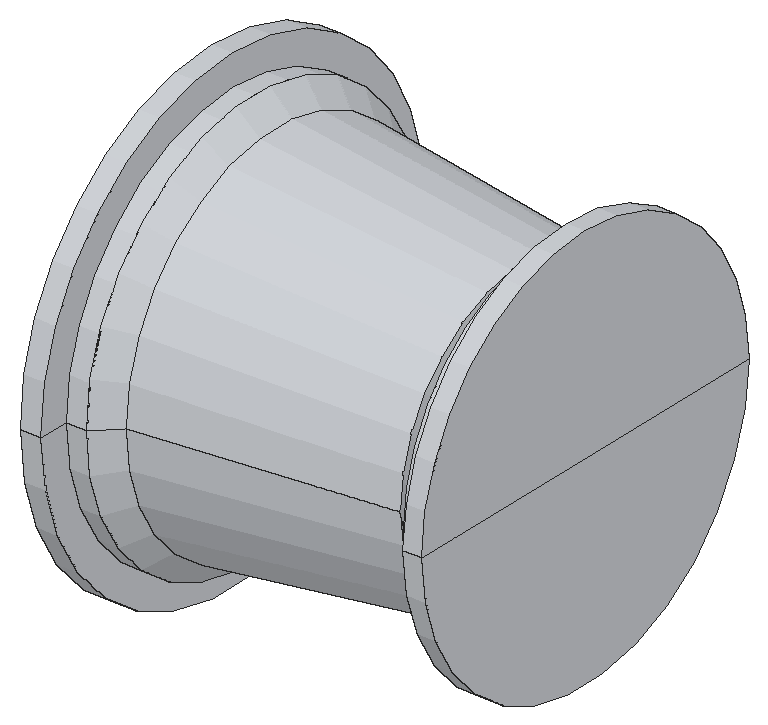
Revit family "9025645ea9bf429390c99db21fc72a65", category Pipe Fittings, Revit 2021
Family settings
  Round Connector Dimension = Use Radius
  Part Type = Transition
  OmniClass Number = 23.60.30.11.14
  OmniClass Title = Pipework Fittings
  Work Plane-Based = No
  Always vertical = Yes
  Cut with Voids When Loaded = No
  Shared = No
Parameters (values of type "Standard")
  Visibility 2 [instance] = Nominal Diameter 2 > Nominal Diameter 1  # no
  Visibility 1 [instance] = Nominal Diameter 1 > Nominal Diameter 2  # yes
  URL = ""
  Type Comments = ""
  Tick Size 2 [instance] = if(Nominal Diameter 1 > Nominal Diameter 2, Min Tick Size 12, Max Tick Size 12)  # 12.0000"
  Tick Size 1 [instance] = if(Nominal Diameter 1 > Nominal Diameter 2, Max Tick Size 12, Min Tick Size 12)  # 14.4000"
  Min Tick Size 12 [instance] = Min Nominal Diameter 12 * 0.4  # 12.0000"
  Max Tick Size 12 [instance] = Max Nominal Diameter 12 * 0.4  # 14.4000"
  Socket Outside Radius 2 [instance] = Socket Outside Diameter 2 / 2  # 16.7500"
  Socket Outside Radius 1 [instance] = Socket Outside Diameter 1 / 2  # 20.0500"
  Socket Outside Diameter 2 [instance] = if(Nominal Diameter 1 > Nominal Diameter 2, Min Socket Outside Diameter 12, Max Socket Outside Diameter 12)  # 33.5000"
  Socket Outside Diameter 1 [instance] = if(Nominal Diameter 1 > Nominal Diameter 2, Max Socket Outside Diameter 12, Min Socket Outside Diameter 12)  # 40.1000"
  Socket Depth 2 [instance] = if(Nominal Diameter 2 < 14.0000", 2.5000", if(Nominal Diameter 2 < 30.0000", 3.5000", 4.0000"))  # 4.0000"
  Socket Depth 1 [instance] = if(Nominal Diameter 1 < 14.0000", 2.5000", if(Nominal Diameter 1 < 30.0000", 3.5000", 4.0000"))  # 4.0000"
  Min Socket Outside Diameter 12 [instance] = size_lookup(Lookup Table Name, "SOD", 1.08 * Min Nominal Diameter 12 + 1.1200", Min Nominal Diameter 12)  # 33.5000"
  Max Socket Outside Diameter 12 [instance] = size_lookup(Lookup Table Name, "SOD", 1.08 * Max Nominal Diameter 12 + 1.1200", Max Nominal Diameter 12)  # 40.1000"
  Nominal Radius 2 [instance] = 15.0000"
  Nominal Radius 1 [instance] = 18.0000"
  Nominal Diameter 2 [instance] = Nominal Radius 2 * 2  # 30.0000"
  Nominal Diameter 1 [instance] = Nominal Radius 1 * 2  # 36.0000"
  Min Nominal Diameter 12 [instance] = if(Nominal Diameter 1 > Nominal Diameter 2, Nominal Diameter 2, Nominal Diameter 1)  # 30.0000"
  Max Nominal Diameter 12 [instance] = if(Nominal Diameter 1 > Nominal Diameter 2, Nominal Diameter 1, Nominal Diameter 2)  # 36.0000"
  Manufacturer = ""
  Loss Method = K Coefficient from Table
  Lookup Table Name = "Reducer Concentric - MJ - Stainless Steel - Fabricated"
  Length [instance] = if(Nominal Diameter 1 = Nominal Diameter 2, Min Nominal Diameter 12 / 2, 4 * (Max Nominal Diameter 12 - Min Nominal Diameter 12))  # 24.0000"
  K Coefficient Table = "Reducer/Coupling/Union/Increaser"
  built-in parameter 1114238 [instance] = (empty or 0)
  Description = ""
  Default Elevation = 0.0000"
  Bevel Length 2 [instance] = Socket Outside Radius 2 - Nominal Radius 2  # 1.7500"
  Bevel Length 1 [instance] = Socket Outside Radius 1 - Nominal Radius 1  # 2.0500"
  Gland Width 2 [instance] = size_lookup(Lookup Table Name, "GWid", 0.03 * Nominal Diameter 2 + 0.9400", Nominal Diameter 2)  # 1.8100"
  Gland Width 1 [instance] = size_lookup(Lookup Table Name, "GWid", 0.03 * Nominal Diameter 1 + 0.9400", Nominal Diameter 1)  # 2.0000"
  Gland Outside Radius 1 [instance] = Gland Outside Diameter 1 / 2  # 23.0000"
  Gland Outside Radius 2 [instance] = Gland Outside Diameter 2 / 2  # 19.5600"
  Max Gland Outside Diameter 12 [instance] = size_lookup(Lookup Table Name, "GOD", 1.16 * Max Nominal Diameter 12 + 4.0300", Max Nominal Diameter 12)  # 46.0000"
  Min Gland Outside Diameter 12 [instance] = size_lookup(Lookup Table Name, "GOD", 1.16 * Min Nominal Diameter 12 + 4.0300", Min Nominal Diameter 12)  # 39.1200"
  Gland Outside Diameter 2 [instance] = if(Nominal Diameter 1 > Nominal Diameter 2, Min Gland Outside Diameter 12, Max Gland Outside Diameter 12)  # 39.1200"
  Gland Outside Diameter 1 [instance] = if(Nominal Diameter 1 > Nominal Diameter 2, Max Gland Outside Diameter 12, Min Gland Outside Diameter 12)  # 46.0000"
  Assembly Code = ""
Reference planes (in)
  plane 1 "Center (Front/Back)": y = 0
  plane 2: z = 0
  plane 3 "Center (Left/Right)": x = 0
  plane 4 "Right": x = 35.8
  plane 5 "TK1 Top": y = 14.4
  plane 6 "TK1 Bottom": y = -14.4
  plane 7 "TK2 Top": y = 12
  plane 8 "TK2 Bottom": y = -12
  plane 9: y = 23
  plane 10: y = 20.05
  plane 11: x = 4
  plane 12: x = 6.05
  plane 13: y = 18
  plane 14 "SD2R": x = 31.8
  plane 15: x = 2
  plane 16: x = 33.99
  plane 17: x = 30.05
  plane 18: y = 15
  plane 19: y = 16.75
  plane 20: y = 19.56
Forms (in)
  Extrusion 1, solid, not visible
    sketch origin (0, 0, 0) x (0, 1, 0) y (0, 0, 1)
      loop
        circle (0, 0) r 1
    from 0 to 35.8
  Revolve 2, solid, detail levels fine
    sketch origin (0, 0, 0) x (1, 0, 0) y (0, 1, 0)
      loop
        line (0, 0) -> (35.8, 0) -> (35.8, 19.56) -> (33.99, 19.56) -> (33.99, 16.75) -> (31.8, 16.75) -> (30.05, 15) -> (6.1, 18) -> (4, 20.05) -> (2, 20.05) -> (2, 23) -> (0, 23) -> (0, 0)
      axis (0, 0) -> (35.8, 0)
    angle from 0 to 360
Lines and regions (in)
  model lines, detail levels coarse+medium
    curve 1: line (0, 0, 0) -> (0, 14.4, 0)
    curve 2: line (0, -14.4, 0) -> (0, 0, 0)
    curve 3: line (35.8, 0, 0) -> (35.8, 12, 0)
    curve 4: line (35.8, 0, 0) -> (35.8, -12, 0)
  model lines, style "PipeFitting", visible <- "Visibility 1", detail levels coarse+medium
    curve 5: line (0, 14.4, 0) -> (35.8, 0, 0)
    curve 6: line (0, -14.4, 0) -> (35.8, 0, 0)
  model lines, style "PipeFitting", visible <- "Visibility 2", detail levels coarse+medium
    curve 7: line (35.8, 12, 0) -> (0, 0, 0)
    curve 8: line (0, 0, 0) -> (35.8, -12, 0)
Dimensions and locks (in)
  "Tick Size 1": plane 5 "TK1 Top" to plane 1 "Center (Front/Back)"
  "Tick Size 1": plane 6 "TK1 Bottom" to plane 1 "Center (Front/Back)"
  "Tick Size 2": plane 7 "TK2 Top" to plane 1 "Center (Front/Back)"
  "Tick Size 2": plane 8 "TK2 Bottom" to plane 1 "Center (Front/Back)"
  "Gland Outside Radius 1": plane 9 to plane 1 "Center (Front/Back)"
  "Socket Outside Radius 1": plane 1 "Center (Front/Back)" to plane 10
  "Nominal Radius 1": plane 13 to plane 1 "Center (Front/Back)"
  "Socket Depth 2": plane 14 "SD2R" to plane 4 "Right"
  "Socket Depth 1": plane 3 "Center (Left/Right)" to plane 11
  "Gland Width 1": plane 3 "Center (Left/Right)" to plane 15
  "Gland Width 2": plane 16 to plane 4 "Right"
  "Bevel Length 1": plane 11 to plane 12
  "Bevel Length 2": plane 17 to plane 14 "SD2R"
  "Nominal Radius 2": plane 18 to plane 1 "Center (Front/Back)"
  "Socket Outside Radius 2": plane 19 to plane 1 "Center (Front/Back)"
  "Gland Outside Radius 2": plane 20 to plane 1 "Center (Front/Back)"
  "Length": plane 12 to plane 17
  radius of Extrusion 1 sketch curve = 1.0000"
  aligned and locked: plane 2 to level
  aligned and locked: plane 2 to Extrusion 1 sketch curve
  aligned and locked: plane 1 "Center (Front/Back)" to Extrusion 1 sketch curve
  aligned and locked: Extrusion 1 to plane 3 "Center (Left/Right)"
  aligned and locked: plane 4 "Right" to Extrusion 1
  aligned and locked: plane 1 "Center (Front/Back)" to curve 2
  aligned and locked: plane 3 "Center (Left/Right)" to curve 1
  aligned and locked: plane 3 "Center (Left/Right)" to curve 2
  aligned and locked: plane 5 "TK1 Top" to curve 1
  aligned and locked: plane 6 "TK1 Bottom" to curve 2
  aligned and locked: plane 7 "TK2 Top" to curve 3
  aligned and locked: curve 4 to plane 4 "Right"
  aligned and locked: plane 1 "Center (Front/Back)" to Revolve 2 sketch curve
  aligned and locked: plane 3 "Center (Left/Right)" to Revolve 2 sketch curve
  aligned and locked: Revolve 2 sketch curve to plane 9
  aligned and locked: Revolve 2 sketch curve to plane 15
  aligned and locked: Revolve 2 sketch curve to plane 10
  aligned and locked: plane 11 to Revolve 2 sketch curve
  aligned and locked: plane 14 "SD2R" to Revolve 2 sketch curve
  aligned and locked: plane 19 to Revolve 2 sketch curve
  aligned and locked: plane 16 to Revolve 2 sketch curve
  aligned and locked: plane 20 to Revolve 2 sketch curve
  aligned and locked: plane 4 "Right" to Revolve 2 sketch curve
  aligned and locked: Revolve 2 sketch curve to Revolve 2 sketch curve
Automatic sketch dimensions
  plane 8 "TK2 Bottom" to curve 8 = 0.0000"
  plane 1 "Center (Front/Back)" to curve 4 = 0.0000"
  Revolve 2 sketch curve to plane 13 = 0.0000"
  Revolve 2 sketch curve to plane 17 = 0.0000"
  Revolve 2 sketch curve to plane 18 = 0.0000"
  Revolve 2 sketch curve to Revolve 2 sketch curve = 9.7500"
  Revolve 2 sketch curve to plane 12 = 0.0500"
  Revolve 2 sketch curve to Revolve 2 sketch curve = 0.0000"
  Revolve 2 sketch curve to Revolve 2 sketch curve = 7.2500"
Connectors (in)
  piping at (0, 0, 0), diameter 36, driven by "Nominal Radius 1"
    settings: on Extrusion 1, index 1, connector inside diameter 36.0000", connector length 0.0000", flow factor 0, pipe flow 0 GPM, pressure drop 0.00 psi, fitting loss kfactor 0, connector angle 0.00°, fixture units 0, engagement length 0.0000", angle of deflection 0.00°, flow configuration 0, flow direction 0, fitting loss method 0, system type 28, joint type 0, gender type 0, connector reference index 2, connector utility 0, adjustable connector no, is connector primary yes, connector description ""
  piping at (35.8, 0, 0), diameter 30, driven by "Nominal Radius 2"
    settings: on Extrusion 1, index 2, connector inside diameter 30.0000", connector length 0.0000", flow factor 0, pipe flow 0 GPM, pressure drop 0.00 psi, fitting loss kfactor 0, connector angle 0.00°, fixture units 0, engagement length 0.0000", angle of deflection 0.00°, flow configuration 0, flow direction 0, fitting loss method 0, system type 28, joint type 0, gender type 0, connector reference index 1, connector utility 0, adjustable connector no, is connector primary no, connector description ""
